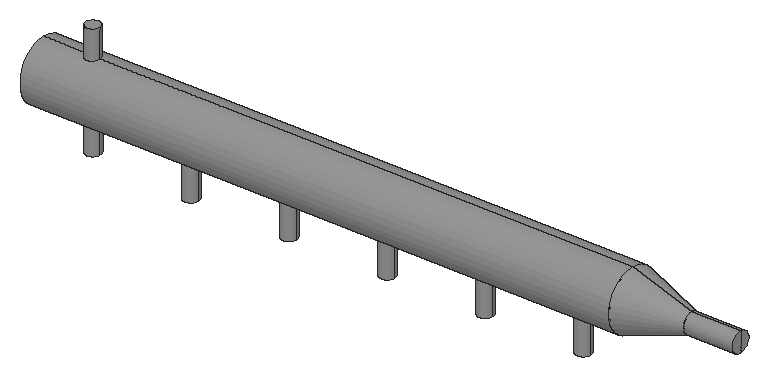
Revit family "Алсель_Коллектора_Стальные", category Соединительные детали трубопроводов, Revit 2016 (continued)
Types (157, lengths in mm): name | Количество_Выходов | ДлинаБоковыхПатрубков | Выход_9 | Выход_8 | Выход_7 | Выход_6 | Выход_5 | Выход_4 | Выход_3 | Выход_13 | Выход_12 | Выход_11 | Выход_10 | L_Длина_Коллектора | G_Диаметр_Входа | D_Диаметр_Коллектора | ADSK_Наименование | ADSK_Код изделия | ADSK_Диаметр условный
  Коллектор стальной Ду50х11/4 нр+4 вых 1/2 нр | 4 | 58 | 0 | 0 | 0 | 0 | 0 | 300 | 200 | 0 | 0 | 0 | 0 | 610 | 32 | 60 | "Коллектор стальной Ду50х11/4 нр+4 вых 1/2 нр" | "AHL50х11/4-4вых" | 50
  Коллектор стальной Ду50х11/4 нр+5 вых 1/2 нр | 5 | 58 | 0 | 0 | 0 | 0 | 400 | 300 | 200 | 0 | 0 | 0 | 0 | 710 | 32 | 60 | "Коллектор стальной Ду50х11/4 нр+5 вых 1/2 нр" | "AHL50х11/4-5вых" | 50
  Коллектор стальной Ду50х11/4 нр+6 вых 1/2 нр | 6 | 58 | 0 | 0 | 0 | 500 | 400 | 300 | 200 | 0 | 0 | 0 | 0 | 810 | 32 | 60 | "Коллектор стальной Ду50х11/4 нр+6 вых 1/2 нр" | "AHL50х11/4-6вых" | 50
  Коллектор стальной Ду50х11/4 нр+7 вых 1/2 нр | 7 | 58 | 0 | 0 | 600 | 500 | 400 | 300 | 200 | 0 | 0 | 0 | 0 | 910 | 32 | 60 | "Коллектор стальной Ду50х11/4 нр+7 вых 1/2 нр" | "AHL50х11/4-7вых" | 50
  Коллектор стальной Ду50х11/4 нр+8 вых 1/2 нр | 8 | 58 | 0 | 700 | 600 | 500 | 400 | 300 | 200 | 0 | 0 | 0 | 0 | 1010 | 32 | 60 | "Коллектор стальной Ду50х11/4 нр+8 вых 1/2 нр" | "AHL50х11/4-8вых" | 50
  Коллектор стальной Ду50х11/4 нр+9 вых 1/2 нр | 9 | 58 | 800 | 700 | 600 | 500 | 400 | 300 | 200 | 0 | 0 | 0 | 0 | 1110 | 32 | 60 | "Коллектор стальной Ду50х11/4 нр+9 вых 1/2 нр" | "AHL50х11/4-9вых" | 50
  Коллектор стальной Ду50х2 нр+10 вых 1/2 нр | 10 | 58 | 800 | 700 | 600 | 500 | 400 | 300 | 200 | 0 | 0 | 0 | 900 | 1210 | 50 | 60 | "Коллектор стальной Ду50х2 нр+10 вых 1/2 нр" | "AHL50х2-10вых" | 50
  Коллектор стальной Ду50х2 нр+11 вых 1/2 нр | 11 | 58 | 800 | 700 | 600 | 500 | 400 | 300 | 200 | 0 | 0 | 1000 | 900 | 1310 | 50 | 60 | "Коллектор стальной Ду50х2 нр+11 вых 1/2 нр" | "AHL50х2-11вых" | 50
  Коллектор стальной Ду50х2 нр+12 вых 1/2 нр | 12 | 58 | 800 | 700 | 600 | 500 | 400 | 300 | 200 | 0 | 1100 | 1000 | 900 | 1410 | 50 | 60 | "Коллектор стальной Ду50х2 нр+12 вых 1/2 нр" | "AHL50х2-12вых" | 50
  Коллектор стальной Ду50х2 нр+13 вых 1/2 нр | 13 | 58 | 800 | 700 | 600 | 500 | 400 | 300 | 200 | 1200 | 1100 | 1000 | 900 | 1510 | 50 | 60 | "Коллектор стальной Ду50х2 нр+13 вых 1/2 нр" | "AHL50х2-13вых" | 50
  Коллектор стальной Ду50х2 нр+2 вых 1/2 нр | 2 | 58 | 0 | 0 | 0 | 0 | 0 | 0 | 0 | 0 | 0 | 0 | 0 | 410 | 50 | 60 | "Коллектор стальной Ду50х2 нр+2 вых 1/2 нр" | "AHL50х2-2вых" | 50
  Коллектор стальной Ду50х2 нр+3 вых 1/2 нр | 3 | 58 | 0 | 0 | 0 | 0 | 0 | 0 | 200 | 0 | 0 | 0 | 0 | 510 | 50 | 60 | "Коллектор стальной Ду50х2 нр+3 вых 1/2 нр" | "AHL50х2-3вых" | 50
  Коллектор стальной Ду50х2 нр+4 вых 1/2 нр | 4 | 58 | 0 | 0 | 0 | 0 | 0 | 300 | 200 | 0 | 0 | 0 | 0 | 610 | 50 | 60 | "Коллектор стальной Ду50х2 нр+4 вых 1/2 нр" | "AHL50х2-4вых" | 50
  Коллектор стальной Ду50х2 нр+5 вых 1/2 нр | 5 | 58 | 0 | 0 | 0 | 0 | 400 | 300 | 200 | 0 | 0 | 0 | 0 | 710 | 50 | 60 | "Коллектор стальной Ду50х2 нр+5 вых 1/2 нр" | "AHL50х2-5вых" | 50
  Коллектор стальной Ду50х2 нр+6 вых 1/2 нр | 6 | 58 | 0 | 0 | 0 | 500 | 400 | 300 | 200 | 0 | 0 | 0 | 0 | 810 | 50 | 60 | "Коллектор стальной Ду50х2 нр+6 вых 1/2 нр" | "AHL50х2-6вых" | 50
  Коллектор стальной Ду50х2 нр+7 вых 1/2 нр | 7 | 58 | 0 | 0 | 600 | 500 | 400 | 300 | 200 | 0 | 0 | 0 | 0 | 910 | 50 | 60 | "Коллектор стальной Ду50х2 нр+7 вых 1/2 нр" | "AHL50х2-7вых" | 50
  Коллектор стальной Ду50х2 нр+8 вых 1/2 нр | 8 | 58 | 0 | 700 | 600 | 500 | 400 | 300 | 200 | 0 | 0 | 0 | 0 | 1010 | 50 | 60 | "Коллектор стальной Ду50х2 нр+8 вых 1/2 нр" | "AHL50х2-8вых" | 50
  Коллектор стальной Ду50х2 нр+9 вых 1/2 нр | 9 | 58 | 800 | 700 | 600 | 500 | 400 | 300 | 200 | 0 | 0 | 0 | 0 | 1110 | 50 | 60 | "Коллектор стальной Ду50х2 нр+9 вых 1/2 нр" | "AHL50х2-9вых" | 50
  Коллектор стальной Ду50х3/4 нр+10 вых 1/2 нр | 10 | 58 | 800 | 700 | 600 | 500 | 400 | 300 | 200 | 0 | 0 | 0 | 900 | 1210 | 20 | 60 | "Коллектор стальной Ду50х3/4 нр+10 вых 1/2 нр" | "AHL50х34-10вых" | 50
  Коллектор стальной Ду50х3/4 нр+11 вых 1/2 нр | 11 | 58 | 800 | 700 | 600 | 500 | 400 | 300 | 200 | 0 | 0 | 1000 | 900 | 1310 | 20 | 60 | "Коллектор стальной Ду50х3/4 нр+11 вых 1/2 нр" | "AHL50х34-11вых" | 50
  Коллектор стальной Ду50х3/4 нр+12 вых 1/2 нр | 12 | 58 | 800 | 700 | 600 | 500 | 400 | 300 | 200 | 0 | 1100 | 1000 | 900 | 1410 | 20 | 60 | "Коллектор стальной Ду50х3/4 нр+12 вых 1/2 нр" | "AHL50х34-12вых" | 50
  Коллектор стальной Ду50х3/4 нр+13 вых 1/2 нр | 13 | 58 | 800 | 700 | 600 | 500 | 400 | 300 | 200 | 1200 | 1100 | 1000 | 900 | 1510 | 20 | 60 | "Коллектор стальной Ду50х3/4 нр+13 вых 1/2 нр" | "AHL50х34-13вых" | 50
  Коллектор стальной Ду50х3/4 нр+2 вых 1/2 нр | 2 | 58 | 0 | 0 | 0 | 0 | 0 | 0 | 0 | 0 | 0 | 0 | 0 | 410 | 20 | 60 | "Коллектор стальной Ду50х3/4 нр+2 вых 1/2 нр" | "AHL50х34-2вых" | 50
  Коллектор стальной Ду50х3/4 нр+3 вых 1/2 нр | 3 | 58 | 0 | 0 | 0 | 0 | 0 | 0 | 200 | 0 | 0 | 0 | 0 | 510 | 20 | 60 | "Коллектор стальной Ду50х3/4 нр+3 вых 1/2 нр" | "AHL50х34-3вых" | 50
  Коллектор стальной Ду50х3/4 нр+4 вых 1/2 нр | 4 | 58 | 0 | 0 | 0 | 0 | 0 | 300 | 200 | 0 | 0 | 0 | 0 | 610 | 20 | 60 | "Коллектор стальной Ду50х3/4 нр+4 вых 1/2 нр" | "AHL50х34-4вых" | 50
  Коллектор стальной Ду50х3/4 нр+5 вых 1/2 нр | 5 | 58 | 0 | 0 | 0 | 0 | 400 | 300 | 200 | 0 | 0 | 0 | 0 | 710 | 20 | 60 | "Коллектор стальной Ду50х3/4 нр+5 вых 1/2 нр" | "AHL50х34-5вых" | 50
  Коллектор стальной Ду50х3/4 нр+6 вых 1/2 нр | 6 | 58 | 0 | 0 | 0 | 500 | 400 | 300 | 200 | 0 | 0 | 0 | 0 | 810 | 20 | 60 | "Коллектор стальной Ду50х3/4 нр+6 вых 1/2 нр" | "AHL50х34-6вых" | 50
  Коллектор стальной Ду50х3/4 нр+7 вых 1/2 нр | 7 | 58 | 0 | 0 | 600 | 500 | 400 | 300 | 200 | 0 | 0 | 0 | 0 | 910 | 20 | 60 | "Коллектор стальной Ду50х3/4 нр+7 вых 1/2 нр" | "AHL50х34-7вых" | 50
  Коллектор стальной Ду50х3/4 нр+8 вых 1/2 нр | 8 | 58 | 0 | 700 | 600 | 500 | 400 | 300 | 200 | 0 | 0 | 0 | 0 | 1010 | 20 | 60 | "Коллектор стальной Ду50х3/4 нр+8 вых 1/2 нр" | "AHL50х34-8вых" | 50
  Коллектор стальной Ду50х3/4 нр+9 вых 1/2 нр | 9 | 58 | 800 | 700 | 600 | 500 | 400 | 300 | 200 | 0 | 0 | 0 | 0 | 1110 | 20 | 60 | "Коллектор стальной Ду50х3/4 нр+9 вых 1/2 нр" | "AHL50х34-9вых" | 50
